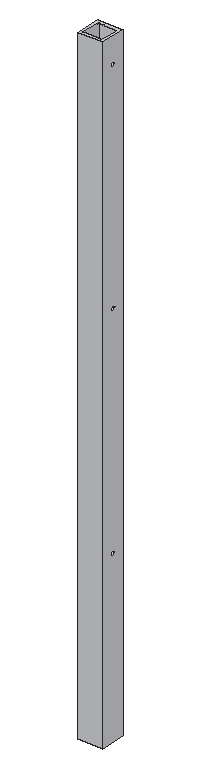
Revit family "Handrail Post CB", category Generic Models, Revit 2019
Family settings
  Can host rebar = No
  Round Connector Dimension = Use Diameter
  Part Type = Normal
  Work Plane-Based = No
  Always vertical = Yes
  Cut with Voids When Loaded = No
  Shared = No
  Room Calculation Point = No
Reference planes
  plane 1 "Center (Front/Back)": y = 0
  plane 2: z = 0
  plane 3 "Center (Left/Right)": x = 0
  plane 4: x = 50
  plane 5: x = 150
  plane 6: x = 390
  plane 7: z = 190
  plane 8: z = 230
  plane 9: y = -5
  plane 10: y = -25
  plane 11: y = 25
  plane 12: z = 1270
  plane 13: z = 1220
  plane 14: z = 780
  plane 15: z = 340
Forms (mm)
  Extrusion 1, solid
    sketch origin (390, 0, 0) x (-1, 0, 0) y (0, -1, 0)
      loop
        line (0, 25) -> (0, -25) -> (50, -25) -> (50, 25) -> (0, 25)
      loop
        line (45, 20) -> (5, 20) -> (5, -20) -> (45, -20) -> (45, 20)
    from 0 to 1270
  Extrusion 2, void
    sketch origin (390, 0, 0) x (0, -1, 0) y (0, 0, 1)
      loop
        circle (0, 1220) r 4.5
      loop
        circle (0, 780) r 4.5
      loop
        circle (0, 340) r 4.5
    from 0 to 50
Cuts and joins
  Extrusion 2 cuts Extrusion 1
Dimensions and locks
  Extrusion 1 to plane 1 "Center (Front/Back)" = 25 mm
  aligned and locked: level to plane 2
